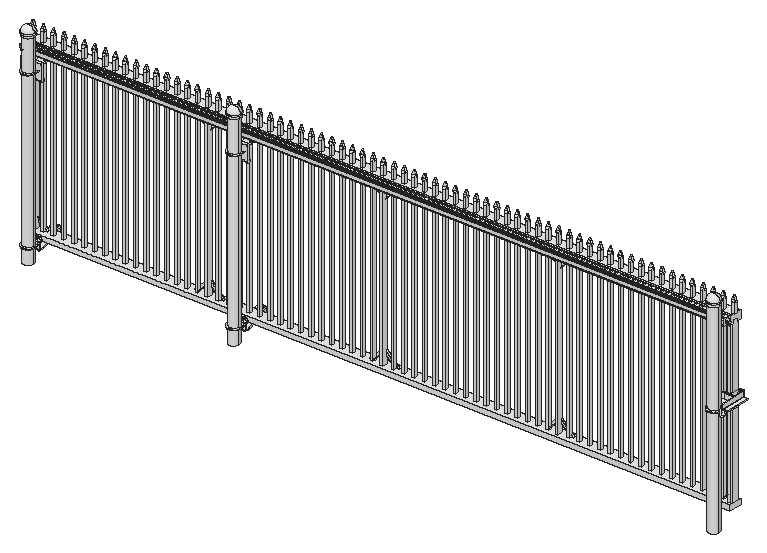
Revit family "Site-Fencing-Tymetal_Corp-Heavy_Duty_Cantilever_Slide_Gate-Ornamental", category Site, Revit 2015 (continued)
Definition of nested family "Fence - Ornamental Cross Brace"
  Parameters
    Panel Length = 4' - 5.8"
    Height Above Grade = 0' - 5"
    Cross Brace Finish = none
  Reference planes (in)
    plane 1 "Center (Front/Back)": y = -0.25
    plane 2: z = 0
    plane 3 "Center (Left/Right)": x = -9.6
    plane 4: x = -36
    plane 5: x = 16.8
    plane 6: y = -0.5
    plane 7: y = 0
    plane 8: z = 68.8125
    plane 9: z = 7
    plane 10: x = -31
    plane 11: x = 11.8
    plane 12: z = 63.8125
    plane 13: z = 12
    plane 14: z = 78
    plane 15: z = 72
    plane 16: z = 5
    plane 17: z = 37.90625
    plane 18: y = -0.75
    plane 19: y = -1.5
    plane 20: x = 17.8
    plane 21: x = 17.3
    plane 22: x = -36.5
    plane 23: x = -33.29762
    plane 24: x = 14.09762
    plane 25: x = 10.89524
    plane 26: y = -1
    plane 27: x = -37
  Forms (in)
    Extrusion 1, solid, material <- "Cross Brace Finish", detail levels medium+fine
      sketch origin (0, -0.25, 0) x (1, 0, 0) y (0, 0, 1)
        loop
          line (-31, 68.8125) -> (-32.41421, 68.8125) -> (-36, 65.22671) -> (-36, 63.8125) -> (-31, 68.8125)
        loop
          line (11.8, 68.8125) -> (16.8, 63.8125) -> (16.8, 65.22671) -> (13.21421, 68.8125) -> (11.8, 68.8125)
        loop
          line (-31, 7) -> (-36, 12) -> (-36, 10.58579) -> (-32.41421, 7) -> (-31, 7)
        loop
          line (11.8, 7) -> (13.21421, 7) -> (16.8, 10.58579) -> (16.8, 12) -> (11.8, 7)
      from -0.25 to 0.25
  Lines and regions (in)
    model lines
      curve 1: line (-33.5, -0.25, 66.3125) -> (14.3, -0.25, 9.5)
      curve 2: line (-33.5, -0.25, 9.5) -> (14.3, -0.25, 66.3125)
  Dimensions and locks (in)
    equal spacing: plane 7, plane 1 "Center (Front/Back)", plane 6
    "Cross Brace Width": plane 6 to plane 7
    locked: Extrusion 1 sketch curve to Extrusion 1 sketch curve at 1  (x4)
    equal spacing: plane 12, plane 17, plane 13
    equal spacing: plane 5, plane 3 "Center (Left/Right)", plane 4
    plane 10 to plane 4 = 0' - 5"
    plane 5 to plane 11 = 0' - 5"
    equal spacing: plane 7, plane 18, plane 19
    "Nominal Gate Height": plane 14 to level
    plane 16 to level = 0' - 5"
    plane 9 to plane 16 = 0' - 2"
    locked: plane 13 to plane 9 at 5
    locked: plane 8 to plane 12 at 5
    "Frame Width": plane 15 to plane 8
    plane 14 to plane 15 = 0' - 6"
    plane 20 to plane 5 to plane 11 = 0' - 1" locked, 0' - 5" locked
    plane 10 to plane 4 to plane 27 = 0' - 5" locked, 0' - 1" locked
    equal spacing: plane 20, plane 21, plane 5
    locked: plane 4 to plane 22 at 0.5
    "Panel Length": plane 21 to plane 22
    plane 23 to plane 22 = 0' - 3.20238"
    plane 24 to plane 21 = 0' - 3.20238"
    plane 25 to plane 24 = 0' - 3.20238"
    equal spacing: plane 5, curve 1, plane 11
    equal spacing: plane 13, curve 1, plane 9
    equal spacing: plane 10, curve 2, plane 4
    equal spacing: plane 13, curve 2, plane 9
    equal spacing: plane 8, curve 1, plane 12
    equal spacing: plane 10, curve 1, plane 4
    equal spacing: plane 5, curve 2, plane 11
    equal spacing: plane 8, curve 2, plane 12
    aligned and locked: Extrusion 1 sketch curve to plane 8
    aligned and locked: Extrusion 1 sketch curve to plane 4
    aligned and locked: plane 12 to Extrusion 1 sketch curve  (x2)
    aligned and locked: plane 10 to Extrusion 1 sketch curve  (x2)
    aligned and locked: Extrusion 1 sketch curve to plane 9
    aligned and locked: plane 4 to Extrusion 1 sketch curve
    aligned and locked: plane 13 to Extrusion 1 sketch curve  (x2)
    aligned and locked: plane 9 to Extrusion 1 sketch curve
    aligned and locked: plane 5 to Extrusion 1 sketch curve  (x2)
    aligned and locked: plane 11 to Extrusion 1 sketch curve  (x2)
    aligned and locked: Extrusion 1 sketch curve to plane 5
    aligned and locked: plane 8 to Extrusion 1 sketch curve
    aligned and locked: plane 7 to Extrusion 1
    aligned and locked: Extrusion 1 to plane 6
    aligned and locked: plane 5 to Extrusion 1  (x2)
Definition of nested family "Fence"
  Parameters
    Picket Spacing = 0' - 3"
    Picket Count = (Length + Extension Length) / Picket Spacing  # 34
    Length = 6' - 7"
    Extension Length = 2' - 0"
  Reference planes (in)
    plane 1 "Center (Front/Back)": y = 0
    plane 2: z = 0
    plane 3 "Center (Left/Right)": x = 0
    plane 4: x = -51.5
    plane 5: x = 51.5
    plane 6: x = 48.5
    plane 7: x = -49.8125
    plane 8: x = 27.5
    plane 9: y = 1
    plane 10: y = -1
  Lines and regions (in)
    Masking region 1
      outline origin (0, 0, 0) x (1, 0, 0) y (0, 1, 0)
        loop
          line (-51.5, 1) -> (-51.5, -1) -> (51.5, -1) -> (51.5, 1) -> (-51.5, 1)
    symbolic lines
      curve 1: line (51.5, 7.25, 0) -> (51.5, 1, 0)
      curve 2: line (50.07185, 0, 0) -> (51.5, 1, 0)
      curve 3: line (52.92815, 0, 0) -> (51.5, -1, 0)
      curve 4: line (50.07185, 0, 0) -> (52.92815, 0, 0)
      curve 5: line (51.5, -1, 0) -> (51.5, -7.25, 0)
  Dimensions and locks (in)
    equal spacing: plane 4, plane 3 "Center (Left/Right)", plane 5
    "Length": plane 4 to plane 8
    locked: Masking region 1 sketch curve to Masking region 1 sketch curve at 2
    equal spacing: Masking region 1 sketch curve, plane 1 "Center (Front/Back)", Masking region 1 sketch curve
    "Picket Spacing": plane 6 to plane 5
    locked: plane 4 to plane 7 at 1.6875
    equal spacing: group 2, group 34, group 33, group 32, group 31, group 30, group 29, group 28, group 27, group 26, group 25, group 24, group 23, group 22, group 21, group 20, group 19, group 18, group 17, group 16, group 15, group 14, group 13, group 12, group 11, group 10, group 9, group 8, group 7, group 6, group 5, group 4, group 3, group 1
    equal spacing: group 1, group 3, group 4, group 5, group 6, group 7, group 8, group 9, group 10, group 11, group 12, group 13, group 14, group 15, group 16, group 17, group 18, group 19, group 20, group 21, group 22, group 23, group 24, group 25, group 26, group 27, group 28, group 29, group 30, group 31, group 32, group 33, group 34, group 2  (x2)
    "Extension Length": plane 8 to plane 5
    aligned and locked: plane 4 to Masking region 1 sketch curve
    aligned and locked: Masking region 1 sketch curve to plane 5
    aligned and locked: plane 6 to nested 1
    aligned and locked: plane 1 "Center (Front/Back)" to nested 2
    aligned and locked: nested 2 to plane 7
    aligned and locked: plane 1 "Center (Front/Back)" to nested 1
    aligned and locked: plane 9 to Masking region 1
    aligned and locked: plane 10 to Masking region 1
  Automatic sketch dimensions
    curve 2 to plane 5 = 0' - 0"
    curve 5 to plane 5 = 0' - 0"
    curve 4 to plane 5 = 0' - 1.42815"
    plane 5 to curve 3 = 0' - 1.42815"
    plane 1 "Center (Front/Back)" to curve 3 = 0' - 1"
    curve 1 to plane 1 "Center (Front/Back)" = 0' - 1"
    curve 5 to curve 5 = 0' - 6 1/4"
    curve 2 to curve 1 = 0' - 6 1/4"
    plane 1 "Center (Front/Back)" to curve 4 = 0' - 0"
  Nested families (in)
    nested 1: "Picket" at (48.5, 0, 0), type "Picket"
    nested 2: "Picket" at (-49.8125, 0, 0), type "Picket"
    nested 3: "Picket" at (45.52083, 0, 0), type "Picket"
    nested 4: "Picket" at (42.54167, 0, 0), type "Picket"
    nested 5: "Picket" at (39.5625, 0, 0), type "Picket"
    nested 6: "Picket" at (36.58333, 0, 0), type "Picket"
    nested 7: "Picket" at (33.60417, 0, 0), type "Picket"
    nested 8: "Picket" at (30.625, 0, 0), type "Picket"
    nested 9: "Picket" at (27.64583, 0, 0), type "Picket"
    nested 10: "Picket" at (24.66667, 0, 0), type "Picket"
    nested 11: "Picket" at (21.6875, 0, 0), type "Picket"
    nested 12: "Picket" at (18.70833, 0, 0), type "Picket"
    nested 13: "Picket" at (15.72917, 0, 0), type "Picket"
    nested 14: "Picket" at (12.75, 0, 0), type "Picket"
    nested 15: "Picket" at (9.77083, 0, 0), type "Picket"
    nested 16: "Picket" at (6.79167, 0, 0), type "Picket"
    nested 17: "Picket" at (3.8125, 0, 0), type "Picket"
    nested 18: "Picket" at (0.83333, 0, 0), type "Picket"
    nested 19: "Picket" at (-2.14583, 0, 0), type "Picket"
    nested 20: "Picket" at (-5.125, 0, 0), type "Picket"
    nested 21: "Picket" at (-8.10417, 0, 0), type "Picket"
    nested 22: "Picket" at (-11.08333, 0, 0), type "Picket"
    nested 23: "Picket" at (-14.0625, 0, 0), type "Picket"
    nested 24: "Picket" at (-17.04167, 0, 0), type "Picket"
    nested 25: "Picket" at (-20.02083, 0, 0), type "Picket"
    nested 26: "Picket" at (-23, 0, 0), type "Picket"
    nested 27: "Picket" at (-25.97917, 0, 0), type "Picket"
    nested 28: "Picket" at (-28.95833, 0, 0), type "Picket"
    nested 29: "Picket" at (-31.9375, 0, 0), type "Picket"
    nested 30: "Picket" at (-34.91667, 0, 0), type "Picket"
    nested 31: "Picket" at (-37.89583, 0, 0), type "Picket"
    nested 32: "Picket" at (-40.875, 0, 0), type "Picket"
    nested 33: "Picket" at (-43.85417, 0, 0), type "Picket"
    nested 34: "Picket" at (-46.83333, 0, 0), type "Picket"
  Definition of nested family "Picket"
    Reference planes (in)
      plane 1 "Center (Front/Back)": y = 0
      plane 2: z = 0
      plane 3 "Center (Left/Right)": x = 0
    Lines and regions (in)
      Masking region 1
        outline origin (0, 0, 0) x (1, 0, 0) y (0, 1, 0)
          loop
            line (-0.5, 0.5) -> (-0.5, -0.5) -> (0.5, -0.5) -> (0.5, 0.5) -> (-0.5, 0.5)
    Dimensions and locks (in)
      locked: Masking region 1 sketch curve to Masking region 1 sketch curve at 1  (x2)
      equal spacing: Masking region 1 sketch curve, plane 1 "Center (Front/Back)", Masking region 1 sketch curve
      equal spacing: Masking region 1 sketch curve, plane 3 "Center (Left/Right)", Masking region 1 sketch curve
      aligned and locked: plane 2 to level
